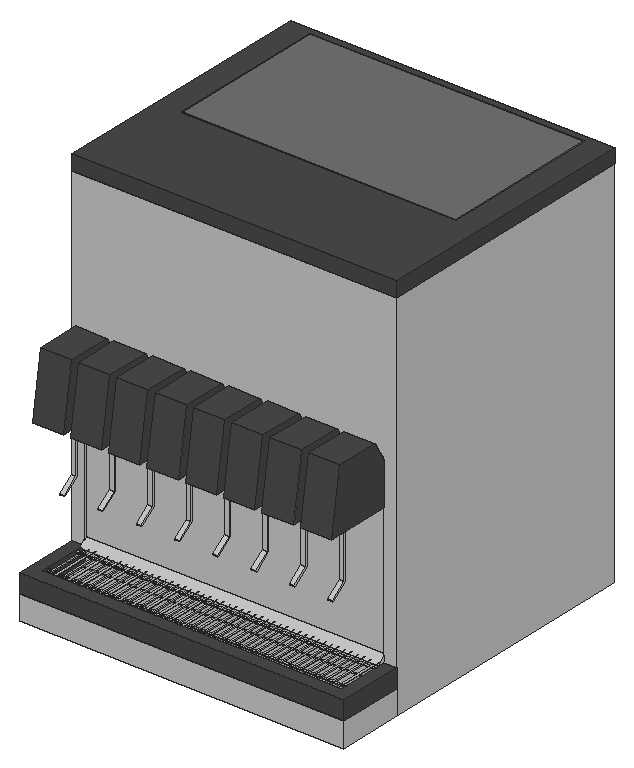
Revit family "QF_LANCER_CED 2500 HI_cat", category Specialty Equipment, Revit 2012
Parameters
  Width [instance] = 26"  # constant formula
  Weight in Pounds = 209
  Watts = 0 W
  Waste Water Discharge Temperature [instance] = -459.67 °F
  Volts = 115 V
  URL Cutsheet = "www.lancercorp.com"
  URL = "www.lancercorp.com"
  Type Mark [instance] = ""
  Status [instance] = ""
  Specification by User [instance] = ""
  Specification by Manufacturer = ""
  Show Legs [instance] = no
  Show Clearance [instance] = no
  Show 6 Valves [instance] = no
  Serial Number = ""
  Seismic Rating = ""
  SMACNA No = ""
  Revision Code [instance] = ""
  Refrigerant Type = "R134A"
  Plumbing Remarks [instance] = ""
  Plumbing Connection Type [instance] = ""
  Phase = 0
  Omniclass Number and Title = ""
  Number of Poles [instance] = 1
  NAFEM Spec ID Number = ""
  Model = "CED 2500 HI"
  Min Ckt Ampacity = 0 A
  Max Overcurrent Protection = 0 A
  Masterspec = ""
  Manufacturer = "LANCER"
  Legs [instance] = yes
  Item Number [instance] = ""
  Installed By [instance] = ""
  Indirect Waste Size = 3/4"
  Indirect Waste Flow [instance] = 0 GPM
  Indirect Waste Connection Type [instance] = ""
  Indirect Waste Connection Height = 0"
  Identify Quantity as Lot [instance] = yes
  Height [instance] = 31 1/4"  # constant formula
  HP = "3/4"
  Furnished By [instance] = ""
  Foodservice Equipment Identifier [instance] = yes
  FL Amps = 7.5 A
  Electrical Remarks [instance] = ""
  Electric Connection Type [instance] = ""
  Elec Conn RI Height [instance] = 0"
  Elec Conn Connection Height [instance] = 0"
  Description = "HIGH PERFORMANCE DISPENSER"
  Depth [instance] = 27 1/8"  # constant formula
  Cycle = 60 Hz
  Conn Plug = ""
  Conn Conduit = yes
  Cold Water Temperature Recommended [instance] = 0 °F
  Cold Water Size = 3/8"
  Cold Water RI Height [instance] = 0"
  Cold Water Minimum Pressure = 0.00 psi
  Cold Water Maximum Pressure = 0.00 psi
  Cold Water Flow [instance] = 0 GPM
  Cold Water Consumption = ""
  Cold Water Connection Height = 0"
  CSI MasterFormat = ""
  CSI Master Format = ""
  Base Height [instance] = if(Show Legs, 4", 0")  # 0"
  Apparent Power = if(Phase = 3, Volts * FL Amps * 1.73, Volts * FL Amps)  # 862.5 VA
  6 Valves [instance] = if(Show 6 Valves, 6, 8)  # 8
Reference planes (in)
  plane 1 "BACK": y = 0
  plane 2: z = 0
  plane 3 "LEFT": x = 0
  plane 4 "RIGHT": x = 26
  plane 5 "FRONT": y = -27.125
  plane 6 "TOP": z = 31.25
  plane 7: x = 13
  plane 8: y = -13.5625
  plane 9: y = -21.875
  plane 10 "Base": z = 0
  plane 11: z = 3.5
  plane 12: z = 14.625
  plane 13: x = 2.25
  plane 14: x = 5.08367
  plane 15: x = 2.45867
  plane 16: x = 4.33367
  plane 17: x = 1.70867
  plane 18: x = 1
  plane 19: x = 25
  plane 20: z = 19.1351
  plane 21: x = 1.55708
  plane 22: x = 24.44292
  plane 23: x = 23.75
  plane 24: x = 26.58367
  plane 25: x = 23.95867
  plane 26: x = 5.32143
  plane 27: x = 8.1551
  plane 28: x = 5.5301
  plane 29: x = 8.39286
  plane 30: x = 11.22653
  plane 31: x = 8.60153
  plane 32: x = 11.46429
  plane 33: x = 14.29796
  plane 34: x = 11.67296
  plane 35: x = 14.53571
  plane 36: x = 17.36939
  plane 37: x = 14.74439
  plane 38: x = 17.60714
  plane 39: x = 20.44082
  plane 40: x = 17.81582
  plane 41: x = 20.67857
  plane 42: x = 23.51224
  plane 43: x = 20.88724
Forms (in)
  Extrusion 1, solid, material "QF_Finishes_Stainless Steel"
    sketch origin (-4.95282, -180, 0) x (-1, 0, 0) y (0, -1, 0)
      loop
        line (-4.95282, -158.125) -> (-30.95282, -158.125) -> (-30.95282, -179.9375) -> (-4.95282, -179.9375) -> (-4.95282, -158.125)
    from 0 to 30.06675
  Extrusion 2, solid, material "QF_Finishes_Black"
    sketch origin (-4.95282, -180, 30.06675) x (-1, 0, 0) y (0, -1, 0)
      loop
        line (-4.95282, -180) -> (-4.95282, -158.125) -> (-30.95282, -158.125) -> (-30.95282, -180) -> (-4.95282, -180)
      loop
        line (-6.95282, -166.5625) -> (-28.95282, -166.5625) -> (-28.95282, -179.4375) -> (-6.95282, -179.4375) -> (-6.95282, -166.5625)
    from 0 to 1.1875
  Extrusion 3, solid, material "QF_Finishes_Stainless Steel"
    sketch origin (-4.83017, -180, 0) x (-1, 0, 0) y (0, -1, 0)
      loop
        line (-4.83017, -158.125) -> (-4.83017, -152.875) -> (-30.83017, -152.875) -> (-30.83017, -158.125) -> (-4.83017, -158.125)
      loop
        line (-4.95366, -158.00151) -> (-4.95366, -152.99849) -> (-30.70668, -152.99849) -> (-30.70668, -158.00151) -> (-4.95366, -158.00151)
    from 0 to 2
  Extrusion 4, solid, material "QF_Finishes_Stainless Steel"
    sketch origin (-4.83017, -180, 0) x (-1, 0, 0) y (0, -1, 0)
      loop
        line (-4.95366, -158) -> (-4.95366, -152.99849) -> (-30.70668, -152.99849) -> (-30.70668, -158) -> (-4.95366, -158)
    from 0 to 0.25
  Sweep 5, solid, material "QF_Finishes_Black"
    path in 3D
      loop
        line (0, -21.875, 2) -> (0, -27.125, 2) -> (26, -27.125, 2) -> (26, -21.875, 2)
    profile origin (0, -24.5, 2) x (1, 0, 0) y (0, 0, 1)
      loop
        line (1, 0) -> (1, 1.5) -> (0, 1.5) -> (0, 0) -> (1, 0)
  Extrusion 6, solid, material "QF_Finishes_Stainless Steel"
    sketch origin (-4.86589, 0, -12.75) x (1, 0, 0) y (0, 0, 1)
      loop
        circle (6.21382, 16.13599) r 0.06312
      loop
        circle (6.72697, 16.13599) r 0.06312
      loop
        circle (7.24013, 16.13599) r 0.06312
      loop
        circle (7.75329, 16.13599) r 0.06312
      loop
        circle (8.26645, 16.13599) r 0.06312
      loop
        circle (8.77961, 16.13599) r 0.06312
      loop
        circle (9.29276, 16.13599) r 0.06312
      loop
        circle (9.80592, 16.13599) r 0.06312
      loop
        circle (10.31908, 16.13599) r 0.06312
      loop
        circle (10.83224, 16.13599) r 0.06312
      loop
        circle (11.34539, 16.13599) r 0.06312
      loop
        circle (11.85855, 16.13599) r 0.06312
      loop
        circle (12.37171, 16.13599) r 0.06312
      loop
        circle (12.88487, 16.13599) r 0.06312
      loop
        circle (13.39803, 16.13599) r 0.06312
      loop
        circle (13.91118, 16.13599) r 0.06312
      loop
        circle (29.44737, 16.13599) r 0.06312
      loop
        circle (14.42434, 16.13599) r 0.06312
      loop
        circle (14.9375, 16.13599) r 0.06312
      loop
        circle (15.45066, 16.13599) r 0.06312
      loop
        circle (15.96382, 16.13599) r 0.06312
      loop
        circle (16.47697, 16.13599) r 0.06312
      loop
        circle (16.99013, 16.13599) r 0.06312
      loop
        circle (17.50329, 16.13599) r 0.06312
      loop
        circle (18.01645, 16.13599) r 0.06312
      loop
        circle (18.52961, 16.13599) r 0.06312
      loop
        circle (19.04276, 16.13599) r 0.06312
      loop
        circle (19.55592, 16.13599) r 0.06312
      loop
        circle (20.06908, 16.13599) r 0.06312
      loop
        circle (20.58224, 16.13599) r 0.06312
      loop
        circle (21.09539, 16.13599) r 0.06312
      loop
        circle (21.60855, 16.13599) r 0.06312
      loop
        circle (22.12171, 16.13599) r 0.06312
      loop
        circle (22.63487, 16.13599) r 0.06312
      loop
        circle (23.14803, 16.13599) r 0.06312
      loop
        circle (23.66118, 16.13599) r 0.06312
      loop
        circle (24.17434, 16.13599) r 0.06312
      loop
        circle (24.6875, 16.13599) r 0.06312
      loop
        circle (25.20066, 16.13599) r 0.06312
      loop
        circle (25.71382, 16.13599) r 0.06312
      loop
        circle (26.22697, 16.13599) r 0.06312
      loop
        circle (26.74013, 16.13599) r 0.06312
      loop
        circle (27.25329, 16.13599) r 0.06312
      loop
        circle (27.76645, 16.13599) r 0.06312
      loop
        circle (28.27961, 16.13599) r 0.06312
      loop
        circle (28.79276, 16.13599) r 0.06312
    from 21.875 to 26.125
  Extrusion 7, solid, material "QF_Finishes_Stainless Steel"
    sketch origin (13, 11.66928, 35.25) x (0, 1, 0) y (0, 0, 1)
      loop
        circle (-37.28767, -31.86381) r 0.06338
      loop
        circle (-34.34983, -31.86381) r 0.06338
    from -12 to 12
  Extrusion 8, solid, material "QF_Finishes_Stainless Steel"
    sketch origin (0, 0.125, 0) x (0, 1, 0) y (0, 0, 1)
      loop
        line (-21.875, 4.10401) -> (-22.47901, 3.5) -> (-21.875, 3.5) -> (-21.875, 4.10401)
    from 1 to 25
  Extrusion 9, solid, material "QF_Finishes_Stainless Steel"
    sketch origin (-7.86508, -0.0625, 13.54921) x (1, 0, 0) y (0, 0, -1)
      loop
        circle (20.8125, -1.5) r 0.25
      loop
        circle (32.61508, 12.29921) r 0.1875
    from 0 to 0.0625
  Extrusion 10, solid, material "QF_Finishes_Rubber Black"
    sketch origin (-4.95282, -180, 30.06675) x (-1, 0, 0) y (0, -1, 0)
      loop
        line (-28.95282, -179.4375) -> (-6.95282, -179.4375) -> (-6.95282, -166.5625) -> (-28.95282, -166.5625) -> (-28.95282, -179.4375)
    from 0 to 1.1875
  Extrusion 11, solid, material "QF_Finishes_Black"
    sketch origin (4.07258, 0.99216, -1) x (0, 1, 0) y (0, 0, -1)
      loop
        line (-27.30905, -20.625) -> (-23.75659, -20.625) -> (-22.86716, -19.08446) -> (-22.86716, -15.625) -> (-28.11716, -15.625) -> (-27.30905, -20.625)
    from 0.57258 to 3.07258
  Extrusion 12, solid, material "QF_Finishes_Black"
    sketch origin (-4.57258, 0.99216, -1.81533) x (1, 0, 0) y (0, 1, 0)
      loop
        circle (6.82258, -26.65163) r 0.5
    from 15.81486 to 16.44033
  Sweep 13, solid, material "QF_Finishes_Stainless Steel"
    path origin (0.55242, 0.99216, -1.81533) x (0, 1, 0) y (0, 0, 1)
      loop
        line (-25.46144, 16.44033) -> (-25.46144, 11.90908) -> (-26.65939, 11.00636)
    profile origin (0.55242, -24.46928, 12.35937) x (1, 0, 0) y (0, 1, 0)
      loop
        line (1.51008, 0) -> (1.51008, -0.0625) -> (1.88508, -0.0625) -> (1.88508, 0) -> (1.51008, 0)
  Extrusion 14, solid, material "QF_Finishes_Black", not visible
    sketch origin (3.32258, 4.11716, 14.375) x (0, 1, 0) y (0, 0, -1)
      loop
        line (-27.30905, -20.625) -> (-23.75659, -20.625) -> (-22.86716, -19.08446) -> (-22.86716, -15.625) -> (-28.11716, -15.625) -> (-27.30905, -20.625)
    from 0.57258 to 3.07258
  Extrusion 15, solid, material "QF_Finishes_Black", not visible
    sketch origin (-5.32258, 4.11716, 13.55967) x (1, 0, 0) y (0, 1, 0)
      loop
        circle (6.82258, -26.65163) r 0.5
    from 15.81486 to 16.44033
  Extrusion 16, void
    sketch origin (26, -21.875, 0) x (-1, 0, 0) y (0, 0, -1)
      loop
        line (25, -18.375) -> (25, -3.5) -> (1, -3.5) -> (1, -18.375) -> (25, -18.375)
    from 0.08328 to -0.125
  Revolve 17, solid, material "QF_Finishes_Stainless Steel"
    sketch origin (24.44292, 41.18065, -12.75) x (0, -1, 0) y (0, 0, 1)
      loop
        line (42.55565, 12.75) -> (42.94933, 12.75) -> (42.94933, 13.38122) -> (43.16717, 13.38122) -> (43.30191, 16.75) -> (42.55565, 16.75) -> (42.55565, 12.75)
      axis (42.55565, 16.75) -> (42.55565, 12.75)
    angle from 0 to 360
  Revolve 18, solid, material "QF_Finishes_Stainless Steel", not visible
    sketch origin (17.63042, 41.18065, 0) x (0, -1, 0) y (0, 0, 1)
      loop
        line (42.55565, 12.75) -> (42.94933, 12.75) -> (42.94933, 13.38122) -> (43.16717, 13.38122) -> (43.30191, 16.75) -> (42.55565, 16.75) -> (42.55565, 12.75)
      axis (42.55565, 16.75) -> (42.55565, 12.75)
    angle from 0 to 360
  Revolve 19, solid, material "QF_Finishes_Stainless Steel"
    sketch origin (24.43208, -22.05565, -12.75) x (0, 1, 0) y (0, 0, 1)
      loop
        line (1.55565, 12.75) -> (1.55565, 16.75) -> (0.80939, 16.75) -> (0.94413, 13.38122) -> (1.16197, 13.38122) -> (1.16197, 12.75) -> (1.55565, 12.75)
      axis (1.55565, 16.75) -> (1.55565, 12.75)
    angle from 0 to 360
  Revolve 20, solid, material "QF_Finishes_Stainless Steel"
    sketch origin (1.55708, -2.93065, -12.75) x (0, 1, 0) y (0, 0, 1)
      loop
        line (1.55565, 12.75) -> (1.55565, 16.75) -> (0.80939, 16.75) -> (0.94413, 13.38122) -> (1.16197, 13.38122) -> (1.16197, 12.75) -> (1.55565, 12.75)
      axis (1.55565, 16.75) -> (1.55565, 12.75)
    angle from 0 to 360
  Revolve 21, solid, material "QF_Finishes_Stainless Steel"
    sketch origin (1.55708, -22.05565, -12.75) x (0, 1, 0) y (0, 0, 1)
      loop
        line (1.55565, 12.75) -> (1.55565, 16.75) -> (0.80939, 16.75) -> (0.94413, 13.38122) -> (1.16197, 13.38122) -> (1.16197, 12.75) -> (1.55565, 12.75)
      axis (1.55565, 16.75) -> (1.55565, 12.75)
    angle from 0 to 360
  Revolve 22, solid, material "QF_Finishes_Stainless Steel"
    sketch origin (24.43208, -22.05565, -12.75) x (0, 1, 0) y (0, 0, 1)
      loop
        line (1.55565, 12.75) -> (1.55565, 16.75) -> (0.80939, 16.75) -> (0.94413, 13.38122) -> (1.16197, 13.38122) -> (1.16197, 12.75) -> (1.55565, 12.75)
      axis (1.55565, 16.75) -> (1.55565, 12.75)
    angle from 0 to 360
  Revolve 23, solid, material "QF_Finishes_Stainless Steel"
    sketch origin (24.43208, -2.93065, -12.75) x (0, 1, 0) y (0, 0, 1)
      loop
        line (1.55565, 12.75) -> (1.55565, 16.75) -> (0.80939, 16.75) -> (0.94413, 13.38122) -> (1.16197, 13.38122) -> (1.16197, 12.75) -> (1.55565, 12.75)
      axis (1.55565, 16.75) -> (1.55565, 12.75)
    angle from 0 to 360
  Revolve 24, solid, material "QF_Finishes_Stainless Steel"
    sketch origin (24.43208, -22.05565, -12.75) x (0, 1, 0) y (0, 0, 1)
      loop
        line (1.55565, 12.75) -> (1.55565, 16.75) -> (0.80939, 16.75) -> (0.94413, 13.38122) -> (1.16197, 13.38122) -> (1.16197, 12.75) -> (1.55565, 12.75)
      axis (1.55565, 16.75) -> (1.55565, 12.75)
    angle from 0 to 360
  Extrusion 25, solid, material "QF_Finishes_Black"
    sketch origin (25.57258, 0.99216, -1) x (0, 1, 0) y (0, 0, -1)
      loop
        line (-27.30905, -20.625) -> (-23.75659, -20.625) -> (-22.86716, -19.08446) -> (-22.86716, -15.625) -> (-28.11716, -15.625) -> (-27.30905, -20.625)
    from 0.57258 to 3.07258
  Extrusion 26, solid, material "QF_Finishes_Black"
    sketch origin (16.92742, 0.99216, -1.81533) x (1, 0, 0) y (0, 1, 0)
      loop
        circle (6.82258, -26.65163) r 0.5
    from 15.81486 to 16.44033
  Sweep 27, solid, material "QF_Finishes_Stainless Steel"
    path origin (22.05242, 0.99216, -1.81533) x (0, 1, 0) y (0, 0, 1)
      loop
        line (-25.46144, 16.44033) -> (-25.46144, 11.90908) -> (-26.65939, 11.00636)
    profile origin (22.05242, -24.46928, 12.35937) x (1, 0, 0) y (0, 1, 0)
      loop
        line (1.51008, 0) -> (1.51008, -0.0625) -> (1.88508, -0.0625) -> (1.88508, 0) -> (1.51008, 0)
  Extrusion 28, solid, material "QF_Finishes_Black"
    sketch origin (7.14401, 0.99216, -1) x (0, 1, 0) y (0, 0, -1)
      loop
        line (-27.30905, -20.625) -> (-23.75659, -20.625) -> (-22.86716, -19.08446) -> (-22.86716, -15.625) -> (-28.11716, -15.625) -> (-27.30905, -20.625)
    from 0.57258 to 3.07258
  Extrusion 29, solid, material "QF_Finishes_Black"
    sketch origin (-1.50115, 0.99216, -1.81533) x (1, 0, 0) y (0, 1, 0)
      loop
        circle (6.82258, -26.65163) r 0.5
    from 15.81486 to 16.44033
  Sweep 30, solid, material "QF_Finishes_Stainless Steel"
    path origin (3.62385, 0.99216, -1.81533) x (0, 1, 0) y (0, 0, 1)
      loop
        line (-25.46144, 16.44033) -> (-25.46144, 11.90908) -> (-26.65939, 11.00636)
    profile origin (3.62385, -24.46928, 12.35937) x (1, 0, 0) y (0, 1, 0)
      loop
        line (1.51008, 0) -> (1.51008, -0.0625) -> (1.88508, -0.0625) -> (1.88508, 0) -> (1.51008, 0)
  Extrusion 31, solid, material "QF_Finishes_Black"
    sketch origin (10.21543, 0.99216, -1) x (0, 1, 0) y (0, 0, -1)
      loop
        line (-27.30905, -20.625) -> (-23.75659, -20.625) -> (-22.86716, -19.08446) -> (-22.86716, -15.625) -> (-28.11716, -15.625) -> (-27.30905, -20.625)
    from 0.57258 to 3.07258
  Extrusion 32, solid, material "QF_Finishes_Black"
    sketch origin (1.57028, 0.99216, -1.81533) x (1, 0, 0) y (0, 1, 0)
      loop
        circle (6.82258, -26.65163) r 0.5
    from 15.81486 to 16.44033
  Sweep 33, solid, material "QF_Finishes_Stainless Steel"
    path origin (6.69528, 0.99216, -1.81533) x (0, 1, 0) y (0, 0, 1)
      loop
        line (-25.46144, 16.44033) -> (-25.46144, 11.90908) -> (-26.65939, 11.00636)
    profile origin (6.69528, -24.46928, 12.35937) x (1, 0, 0) y (0, 1, 0)
      loop
        line (1.51008, 0) -> (1.51008, -0.0625) -> (1.88508, -0.0625) -> (1.88508, 0) -> (1.51008, 0)
  Extrusion 34, solid, material "QF_Finishes_Black"
    sketch origin (13.28686, 0.99216, -1) x (0, 1, 0) y (0, 0, -1)
      loop
        line (-27.30905, -20.625) -> (-23.75659, -20.625) -> (-22.86716, -19.08446) -> (-22.86716, -15.625) -> (-28.11716, -15.625) -> (-27.30905, -20.625)
    from 0.57258 to 3.07258
  Extrusion 35, solid, material "QF_Finishes_Black"
    sketch origin (4.64171, 0.99216, -1.81533) x (1, 0, 0) y (0, 1, 0)
      loop
        circle (6.82258, -26.65163) r 0.5
    from 15.81486 to 16.44033
  Sweep 36, solid, material "QF_Finishes_Stainless Steel"
    path origin (9.76671, 0.99216, -1.81533) x (0, 1, 0) y (0, 0, 1)
      loop
        line (-25.46144, 16.44033) -> (-25.46144, 11.90908) -> (-26.65939, 11.00636)
    profile origin (9.76671, -24.46928, 12.35937) x (1, 0, 0) y (0, 1, 0)
      loop
        line (1.51008, 0) -> (1.51008, -0.0625) -> (1.88508, -0.0625) -> (1.88508, 0) -> (1.51008, 0)
  Extrusion 37, solid, material "QF_Finishes_Black"
    sketch origin (16.35829, 0.99216, -1) x (0, 1, 0) y (0, 0, -1)
      loop
        line (-27.30905, -20.625) -> (-23.75659, -20.625) -> (-22.86716, -19.08446) -> (-22.86716, -15.625) -> (-28.11716, -15.625) -> (-27.30905, -20.625)
    from 0.57258 to 3.07258
  Extrusion 38, solid, material "QF_Finishes_Black"
    sketch origin (7.71314, 0.99216, -1.81533) x (1, 0, 0) y (0, 1, 0)
      loop
        circle (6.82258, -26.65163) r 0.5
    from 15.81486 to 16.44033
  Sweep 39, solid, material "QF_Finishes_Stainless Steel"
    path origin (12.83814, 0.99216, -1.81533) x (0, 1, 0) y (0, 0, 1)
      loop
        line (-25.46144, 16.44033) -> (-25.46144, 11.90908) -> (-26.65939, 11.00636)
    profile origin (12.83814, -24.46928, 12.35937) x (1, 0, 0) y (0, 1, 0)
      loop
        line (1.51008, 0) -> (1.51008, -0.0625) -> (1.88508, -0.0625) -> (1.88508, 0) -> (1.51008, 0)
  Extrusion 40, solid, material "QF_Finishes_Black"
    sketch origin (19.42972, 0.99216, -1) x (0, 1, 0) y (0, 0, -1)
      loop
        line (-27.30905, -20.625) -> (-23.75659, -20.625) -> (-22.86716, -19.08446) -> (-22.86716, -15.625) -> (-28.11716, -15.625) -> (-27.30905, -20.625)
    from 0.57258 to 3.07258
  Extrusion 41, solid, material "QF_Finishes_Black"
    sketch origin (10.78457, 0.99216, -1.81533) x (1, 0, 0) y (0, 1, 0)
      loop
        circle (6.82258, -26.65163) r 0.5
    from 15.81486 to 16.44033
  Sweep 42, solid, material "QF_Finishes_Stainless Steel"
    path origin (15.90957, 0.99216, -1.81533) x (0, 1, 0) y (0, 0, 1)
      loop
        line (-25.46144, 16.44033) -> (-25.46144, 11.90908) -> (-26.65939, 11.00636)
    profile origin (15.90957, -24.46928, 12.35937) x (1, 0, 0) y (0, 1, 0)
      loop
        line (1.51008, 0) -> (1.51008, -0.0625) -> (1.88508, -0.0625) -> (1.88508, 0) -> (1.51008, 0)
  Extrusion 43, solid, material "QF_Finishes_Black"
    sketch origin (22.50115, 0.99216, -1) x (0, 1, 0) y (0, 0, -1)
      loop
        line (-27.30905, -20.625) -> (-23.75659, -20.625) -> (-22.86716, -19.08446) -> (-22.86716, -15.625) -> (-28.11716, -15.625) -> (-27.30905, -20.625)
    from 0.57258 to 3.07258
  Extrusion 44, solid, material "QF_Finishes_Black"
    sketch origin (13.85599, 0.99216, -1.81533) x (1, 0, 0) y (0, 1, 0)
      loop
        circle (6.82258, -26.65163) r 0.5
    from 15.81486 to 16.44033
  Sweep 45, solid, material "QF_Finishes_Stainless Steel"
    path origin (18.98099, 0.99216, -1.81533) x (0, 1, 0) y (0, 0, 1)
      loop
        line (-25.46144, 16.44033) -> (-25.46144, 11.90908) -> (-26.65939, 11.00636)
    profile origin (18.98099, -24.46928, 12.35937) x (1, 0, 0) y (0, 1, 0)
      loop
        line (1.51008, 0) -> (1.51008, -0.0625) -> (1.88508, -0.0625) -> (1.88508, 0) -> (1.51008, 0)
  Extrusion 46, solid, material "QF_Finishes_Stainless Steel"
    sketch origin (-3.87207, -179.59091, 0) x (0, -1, 0) y (-1, 0, 0)
      loop
        circle (-155.09091, -16.87207) r 0.375
    from 0 to 0.0625
Cuts and joins
  Extrusion 16 cuts Extrusion 1
Lines and regions (in)
  Split face 1
    outline origin (7.71773, -26.35696, 19.37709) x (0, -0.159551, -0.98719) y (1, 0, 0)
      loop
        line (3.50126, -4.28023) -> (-0.18862, -4.28023) -> (-0.18862, -6.65523) -> (3.50126, -6.65523) -> (3.50126, -4.28023)
  Split face 2, not visible
    outline origin (6.96773, -23.23196, 34.75209) x (0, -0.159551, -0.98719) y (1, 0, 0)
      loop
        line (3.50126, -4.28023) -> (-0.18862, -4.28023) -> (-0.18862, -6.65523) -> (3.50126, -6.65523) -> (3.50126, -4.28023)
  Split face 3
    outline origin (-4.95282, -180, 31.25425) x (-1, 0, 0) y (0, -1, 0)
      loop
        line (-6.95282, -179.16234) -> (-28.95282, -179.16234)
      loop
        line (-6.95282, -178.66234) -> (-28.95282, -178.66234)
      loop
        line (-6.95282, -178.16234) -> (-28.95282, -178.16234)
      loop
        line (-6.95282, -177.66234) -> (-28.95282, -177.66234)
      loop
        line (-6.95282, -177.16234) -> (-28.95282, -177.16234)
      loop
        line (-6.95282, -176.66234) -> (-28.95282, -176.66234)
      loop
        line (-6.95282, -176.16234) -> (-28.95282, -176.16234)
      loop
        line (-6.95282, -175.66234) -> (-28.95282, -175.66234)
      loop
        line (-6.95282, -175.16234) -> (-28.95282, -175.16234)
      loop
        line (-6.95282, -174.66234) -> (-28.95282, -174.66234)
      loop
        line (-6.95282, -174.16234) -> (-28.95282, -174.16234)
      loop
        line (-6.95282, -173.66234) -> (-28.95282, -173.66234)
      loop
        line (-6.95282, -173.16234) -> (-28.95282, -173.16234)
      loop
        line (-6.95282, -172.66234) -> (-28.95282, -172.66234)
      loop
        line (-6.95282, -172.16234) -> (-28.95282, -172.16234)
      loop
        line (-6.95282, -171.66234) -> (-28.95282, -171.66234)
      loop
        line (-6.95282, -171.16234) -> (-28.95282, -171.16234)
      loop
        line (-6.95282, -170.66234) -> (-28.95282, -170.66234)
      loop
        line (-6.95282, -170.16234) -> (-28.95282, -170.16234)
      loop
        line (-6.95282, -169.66234) -> (-28.95282, -169.66234)
      loop
        line (-6.95282, -169.16234) -> (-28.95282, -169.16234)
      loop
        line (-6.95282, -168.66234) -> (-28.95282, -168.66234)
      loop
        line (-6.95282, -168.16234) -> (-28.95282, -168.16234)
      loop
        line (-6.95282, -167.66234) -> (-28.95282, -167.66234)
      loop
        line (-6.95282, -167.16234) -> (-28.95282, -167.16234)
      loop
        line (-6.95282, -166.66234) -> (-28.95282, -166.66234)
  Split face 4
    outline origin (26, -21.875, 30.06675) x (0, 0, -1) y (0, 1, 0)
      loop
        line (13.00671, 0) -> (13.00671, 21.8125)
      loop
        line (12.00671, 0) -> (12.00671, 21.8125)
  Split face 5
    outline origin (0, -0.0625, 30.06675) x (0, 0, -1) y (0, -1, 0)
      loop
        line (13.00671, 21.8125) -> (13.00671, 0)
      loop
        line (12.00671, 21.8125) -> (12.00671, 0)
  Split face 6
    outline origin (0, -21.875, 17.31675) x (0, 0, -1) y (1, 0, 0)
      loop
        line (-0.74329, 0) -> (-0.74329, 1)
      loop
        line (-0.74329, 25) -> (-0.74329, 26)
      loop
        line (0.25671, 0) -> (0.25671, 1)
      loop
        line (0.25671, 25) -> (0.25671, 26)
  Split face 7
    outline origin (29.21773, -26.35696, 19.37709) x (0, -0.159551, -0.98719) y (1, 0, 0)
      loop
        line (3.50126, -4.28023) -> (-0.18862, -4.28023) -> (-0.18862, -6.65523) -> (3.50126, -6.65523) -> (3.50126, -4.28023)
  Split face 8
    outline origin (10.78916, -26.35696, 19.37709) x (0, -0.159551, -0.98719) y (1, 0, 0)
      loop
        line (3.50126, -4.28023) -> (-0.18862, -4.28023) -> (-0.18862, -6.65523) -> (3.50126, -6.65523) -> (3.50126, -4.28023)
  Split face 9
    outline origin (13.86059, -26.35696, 19.37709) x (0, -0.159551, -0.98719) y (1, 0, 0)
      loop
        line (3.50126, -4.28023) -> (-0.18862, -4.28023) -> (-0.18862, -6.65523) -> (3.50126, -6.65523) -> (3.50126, -4.28023)
  Split face 10
    outline origin (16.93202, -26.35696, 19.37709) x (0, -0.159551, -0.98719) y (1, 0, 0)
      loop
        line (3.50126, -4.28023) -> (-0.18862, -4.28023) -> (-0.18862, -6.65523) -> (3.50126, -6.65523) -> (3.50126, -4.28023)
  Split face 11
    outline origin (20.00345, -26.35696, 19.37709) x (0, -0.159551, -0.98719) y (1, 0, 0)
      loop
        line (3.50126, -4.28023) -> (-0.18862, -4.28023) -> (-0.18862, -6.65523) -> (3.50126, -6.65523) -> (3.50126, -4.28023)
  Split face 12
    outline origin (23.07488, -26.35696, 19.37709) x (0, -0.159551, -0.98719) y (1, 0, 0)
      loop
        line (3.50126, -4.28023) -> (-0.18862, -4.28023) -> (-0.18862, -6.65523) -> (3.50126, -6.65523) -> (3.50126, -4.28023)
  Split face 13
    outline origin (26.1463, -26.35696, 19.37709) x (0, -0.159551, -0.98719) y (1, 0, 0)
      loop
        line (3.50126, -4.28023) -> (-0.18862, -4.28023) -> (-0.18862, -6.65523) -> (3.50126, -6.65523) -> (3.50126, -4.28023)
  symbolic lines
    curve 1: line (0, -27.125, 0) -> (26, -27.125, 0)
    curve 2: line (26, -21.875, 0) -> (0, -21.875, 0)
    curve 3: line (0, -21.875, 0) -> (0, -27.125, 0)
    curve 7: line (26, 0, 0) -> (0, 0, 0)
    curve 8: line (26, -27.125, 0) -> (26, 0, 0)
    curve 9: line (0, 0, 0) -> (0, -21.875, 0)
    curve 10: line (3.5, -22.76443, 1.375) -> (1, -22.76443, 1.375)
    curve 11: line (1, -21.875, 1.375) -> (1, -27.125, 1.375)
    curve 12: line (3.5, -27.125, 1.375) -> (3.5, -21.875, 1.375)
    curve 13: line (1, -26.31689, 1.375) -> (3.5, -26.31689, 1.375)
    curve 14: line (24, -0.5625, 0) -> (2, -0.5625, 0)
    curve 15: line (2, -0.5625, 0) -> (2, -13.4375, 0)
    curve 16: line (24, -13.4375, 0) -> (24, -0.5625, 0)
    curve 17: line (2, -13.4375, 0) -> (24, -13.4375, 0)
    curve 18: line (2, -3.83766, 0) -> (24, -3.83766, 0)
    curve 19: line (2, -4.33766, 0) -> (24, -4.33766, 0)
    curve 20: line (2, -4.83766, 0) -> (24, -4.83766, 0)
    curve 21: line (2, -5.33766, 0) -> (24, -5.33766, 0)
    curve 22: line (2, -5.83766, 0) -> (24, -5.83766, 0)
    curve 23: line (2, -6.33766, 0) -> (24, -6.33766, 0)
    curve 24: line (2, -6.83766, 0) -> (24, -6.83766, 0)
    curve 25: line (2, -7.33766, 0) -> (24, -7.33766, 0)
    curve 26: line (2, -7.83766, 0) -> (24, -7.83766, 0)
    curve 27: line (2, -8.33766, 0) -> (24, -8.33766, 0)
    curve 28: line (2, -8.83766, 0) -> (24, -8.83766, 0)
    curve 29: line (2, -9.33766, 0) -> (24, -9.33766, 0)
    curve 30: line (2, -9.83766, 0) -> (24, -9.83766, 0)
    curve 31: line (2, -10.33766, 0) -> (24, -10.33766, 0)
    curve 32: line (2, -10.83766, 0) -> (24, -10.83766, 0)
    curve 33: line (2, -11.33766, 0) -> (24, -11.33766, 0)
    curve 34: line (2, -11.83766, 0) -> (24, -11.83766, 0)
    curve 35: line (2, -12.33766, 0) -> (24, -12.33766, 0)
    curve 36: line (24, -12.83766, 0) -> (2, -12.83766, 0)
    curve 37: line (6.4, -0.5625, 0) -> (6.4, -13.4375, 0)
    curve 38: line (10.8, -0.5625, 0) -> (10.8, -13.4375, 0)
    curve 39: line (25, -22.76443, 1.375) -> (22.5, -22.76443, 1.375)
    curve 40: line (22.5, -21.875, 1.375) -> (22.5, -27.125, 1.375)
    curve 41: line (25, -27.125, 1.375) -> (25, -21.875, 1.375)
    curve 42: line (22.5, -26.31689, 1.375) -> (25, -26.31689, 1.375)
    curve 43: line (6.57143, -22.76443, 1.375) -> (4.07143, -22.76443, 1.375)
    curve 44: line (4.07143, -21.875, 1.375) -> (4.07143, -27.125, 1.375)
    curve 45: line (6.57143, -27.125, 1.375) -> (6.57143, -21.875, 1.375)
    curve 46: line (4.07143, -26.31689, 1.375) -> (6.57143, -26.31689, 1.375)
    curve 47: line (9.64286, -22.76443, 1.375) -> (7.14286, -22.76443, 1.375)
    curve 48: line (7.14286, -21.875, 1.375) -> (7.14286, -27.125, 1.375)
    curve 49: line (9.64286, -27.125, 1.375) -> (9.64286, -21.875, 1.375)
    curve 50: line (7.14286, -26.31689, 1.375) -> (9.64286, -26.31689, 1.375)
    curve 51: line (12.71429, -22.76443, 1.375) -> (10.21429, -22.76443, 1.375)
    curve 52: line (10.21429, -21.875, 1.375) -> (10.21429, -27.125, 1.375)
    curve 53: line (12.71429, -27.125, 1.375) -> (12.71429, -21.875, 1.375)
    curve 54: line (10.21429, -26.31689, 1.375) -> (12.71429, -26.31689, 1.375)
    curve 55: line (15.78571, -22.76443, 1.375) -> (13.28571, -22.76443, 1.375)
    curve 56: line (13.28571, -21.875, 1.375) -> (13.28571, -27.125, 1.375)
    curve 57: line (15.78571, -27.125, 1.375) -> (15.78571, -21.875, 1.375)
    curve 58: line (13.28571, -26.31689, 1.375) -> (15.78571, -26.31689, 1.375)
    curve 59: line (18.85714, -22.76443, 1.375) -> (16.35714, -22.76443, 1.375)
    curve 60: line (16.35714, -21.875, 1.375) -> (16.35714, -27.125, 1.375)
    curve 61: line (18.85714, -27.125, 1.375) -> (18.85714, -21.875, 1.375)
    curve 62: line (16.35714, -26.31689, 1.375) -> (18.85714, -26.31689, 1.375)
    curve 63: line (21.92857, -22.76443, 1.375) -> (19.42857, -22.76443, 1.375)
    curve 64: line (19.42857, -21.875, 1.375) -> (19.42857, -27.125, 1.375)
    curve 65: line (21.92857, -27.125, 1.375) -> (21.92857, -21.875, 1.375)
    curve 66: line (19.42857, -26.31689, 1.375) -> (21.92857, -26.31689, 1.375)
    curve 67: line (2, -0.83766, 0) -> (24, -0.83766, 0)
    curve 68: line (2, -1.33766, 0) -> (24, -1.33766, 0)
    curve 69: line (2, -1.83766, 0) -> (24, -1.83766, 0)
    curve 70: line (2, -2.33766, 0) -> (24, -2.33766, 0)
    curve 71: line (2, -2.83766, 0) -> (24, -2.83766, 0)
    curve 72: line (2, -3.33766, 0) -> (24, -3.33766, 0)
    curve 73: line (15.2, -0.5625, 0) -> (15.2, -13.4375, 0)
    curve 74: line (19.6, -0.5625, 0) -> (19.6, -13.4375, 0)
  sketch lines
    curve 4: line (0, -21.875, 2) -> (0, -27.125, 2)
    curve 5: line (0, -27.125, 2) -> (26, -27.125, 2)
    curve 6: line (26, -27.125, 2) -> (26, -21.875, 2)
Dimensions and locks (in)
  "Width": plane 3 "LEFT" to plane 4 "RIGHT"
  "Depth": plane 5 "FRONT" to plane 1 "BACK"
  equal spacing: plane 3 "LEFT", plane 7, plane 4 "RIGHT"
  equal spacing: plane 5 "FRONT", plane 8, plane 1 "BACK"
  plane 9 to plane 5 "FRONT" = 5 1/4"
  "Base Height": plane 10 "Base" to level
  plane 12 to plane 11 to plane 10 "Base" = 11 1/8", 3 1/2"
  plane 9 to plane 1 "BACK" = 21 7/8"
  plane 19 to plane 4 "RIGHT" = 1"
  plane 18 to plane 3 "LEFT" = 1"
  "Height": plane 6 "TOP" to plane 10 "Base"
  group 4 to group 6 = 1/16"
  group 6 to group 4 = 19 1/8"
  group 4 to group 6 = 0"
  plane 3 "LEFT" to Extrusion 1 = 26"
  equal spacing: group 2, group 15, group 17, group 19, group 21, group 23, group 25, group 13  (x3)
  aligned and locked: level to plane 2
  aligned and locked: plane 12 to Extrusion 11  (x2)
  aligned and locked: Extrusion 7 to Sweep 5  (x2)
  aligned and locked: plane 12 to Extrusion 25
  aligned and locked: plane 12 to Extrusion 37
  aligned and locked: plane 12 to Extrusion 34
  aligned and locked: plane 12 to Extrusion 31
  aligned and locked: plane 12 to Extrusion 28
Automatic sketch dimensions
  Extrusion 11 to Split face 1 sketch curve = 1/16"
  Split face 1 sketch curve to Extrusion 11 = 1/16"  (x2)
  Split face 1 sketch curve to Extrusion 11 = 1 5/16"
  plane 15 to Extrusion 12 sketch curve = 0.20867"
  Sweep 13 sketch curve to Sweep 13 sketch curve = 1.19795"
  Sweep 13 sketch curve to Sweep 13 sketch curve = 0.90272"
  profile plane to Sweep 13 sketch curve = 0"
  profile plane to Sweep 13 sketch curve = 1/16"
  plane 13 to Sweep 13 sketch curve = 3/16"
  Sweep 13 sketch curve to plane 13 = 3/16"
  Extrusion 11 sketch curve to Extrusion 11 sketch curve = 0.80811"
  Extrusion 11 sketch curve to Extrusion 11 sketch curve = 3.55246"
  Extrusion 11 sketch curve to Extrusion 11 sketch curve = 0.88943"
  Extrusion 11 sketch curve to Extrusion 11 sketch curve = 1.54054"
  Extrusion 11 sketch curve to Extrusion 11 sketch curve = 3.45946"
  Sweep 13 sketch curve to Sweep 13 sketch curve = 4 17/32"
  Extrusion 14 to Split face 2 sketch curve = 1/16"
  Split face 2 sketch curve to Extrusion 14 = 1/16"  (x2)
  Split face 2 sketch curve to Extrusion 14 = 1 5/16"
  plane 17 to Extrusion 15 sketch curve = 0.20867"
  Extrusion 14 sketch curve to Extrusion 14 sketch curve = 0.80811"
  Extrusion 14 sketch curve to Extrusion 14 sketch curve = 3.55246"
  Extrusion 14 sketch curve to Extrusion 14 sketch curve = 0.88943"
  Extrusion 14 sketch curve to Extrusion 14 sketch curve = 1.54054"
  Extrusion 14 sketch curve to Extrusion 14 sketch curve = 3.45946"
  curve 12 to curve 11 = 2 1/2"
  curve 11 to curve 12 = 0"
  curve 11 to curve 10 = 0.88943"
  curve 10 to curve 13 = 3.55246"
  curve 13 to curve 12 = 0.80811"
  curve 13 to curve 11 = 0.80811"
  plane 11 to Extrusion 8 sketch curve = 0"
  Extrusion 8 sketch curve to plane 9 = 0.47901"
  plane 9 to Extrusion 8 sketch curve = 1/8"
  Extrusion 8 sketch curve to plane 11 = 0.60401"
  Revolve 17 sketch curve to Revolve 17 sketch curve = 0.21784"
  Revolve 17 sketch curve to Revolve 17 sketch curve = 0.39368"
  Revolve 17 sketch curve to Revolve 17 sketch curve = 4"
  Revolve 17 sketch curve to Revolve 17 sketch curve = 0.13474"
  Revolve 17 sketch curve to Revolve 17 sketch curve = 0"
  Revolve 17 sketch curve to Revolve 17 sketch curve = 1 3/4"
  Revolve 17 sketch curve to Revolve 17 sketch curve = 0.63122"
  Revolve 17 sketch curve to Revolve 17 sketch curve = 3.36878"
  Revolve 18 sketch curve to Revolve 18 sketch curve = 0.21784"
  Revolve 18 sketch curve to Revolve 18 sketch curve = 0.39368"
  Revolve 18 sketch curve to Revolve 18 sketch curve = 4"
  Revolve 18 sketch curve to Revolve 18 sketch curve = 0.13474"
  Revolve 18 sketch curve to Revolve 18 sketch curve = 0"
  Revolve 18 sketch curve to Revolve 18 sketch curve = 1 3/4"
  Revolve 18 sketch curve to Revolve 18 sketch curve = 0.63122"
  Revolve 18 sketch curve to Revolve 18 sketch curve = 3.36878"
  Revolve 19 sketch curve to Revolve 19 sketch curve = 0.21784"
  Revolve 19 sketch curve to Revolve 19 sketch curve = 0.39368"
  Revolve 19 sketch curve to Revolve 19 sketch curve = 4"
  Revolve 19 sketch curve to Revolve 19 sketch curve = 0.13474"
  Revolve 19 sketch curve to Revolve 19 sketch curve = 0"
  Revolve 19 sketch curve to Revolve 19 sketch curve = 1 3/4"
  Revolve 19 sketch curve to Revolve 19 sketch curve = 0.63122"
  Revolve 19 sketch curve to Revolve 19 sketch curve = 3.36878"
  Revolve 20 sketch curve to Revolve 20 sketch curve = 0.21784"
  Revolve 20 sketch curve to Revolve 20 sketch curve = 0.39368"
  Revolve 20 sketch curve to Revolve 20 sketch curve = 4"
  Revolve 20 sketch curve to Revolve 20 sketch curve = 0.13474"
  Revolve 20 sketch curve to Revolve 20 sketch curve = 0"
  Revolve 20 sketch curve to Revolve 20 sketch curve = 1 3/4"
  Revolve 20 sketch curve to Revolve 20 sketch curve = 0.63122"
  Revolve 20 sketch curve to Revolve 20 sketch curve = 3.36878"
  Revolve 21 sketch curve to Revolve 21 sketch curve = 0.21784"
  Revolve 21 sketch curve to Revolve 21 sketch curve = 0.39368"
  Revolve 21 sketch curve to Revolve 21 sketch curve = 4"
  Revolve 21 sketch curve to Revolve 21 sketch curve = 0.13474"
  Revolve 21 sketch curve to Revolve 21 sketch curve = 0"
  Revolve 21 sketch curve to Revolve 21 sketch curve = 1 3/4"
  Revolve 21 sketch curve to Revolve 21 sketch curve = 0.63122"
  Revolve 21 sketch curve to Revolve 21 sketch curve = 3.36878"
  Revolve 22 sketch curve to Revolve 22 sketch curve = 0.21784"
  Revolve 22 sketch curve to Revolve 22 sketch curve = 0.39368"
  Revolve 22 sketch curve to Revolve 22 sketch curve = 4"
  Revolve 22 sketch curve to Revolve 22 sketch curve = 0.13474"
  Revolve 22 sketch curve to Revolve 22 sketch curve = 0"
  Revolve 22 sketch curve to Revolve 22 sketch curve = 1 3/4"
  Revolve 22 sketch curve to Revolve 22 sketch curve = 0.63122"
  Revolve 22 sketch curve to Revolve 22 sketch curve = 3.36878"
  Revolve 23 sketch curve to Revolve 23 sketch curve = 0.21784"
  Revolve 23 sketch curve to Revolve 23 sketch curve = 0.39368"
  Revolve 23 sketch curve to Revolve 23 sketch curve = 4"
  Revolve 23 sketch curve to Revolve 23 sketch curve = 0.13474"
  Revolve 23 sketch curve to Revolve 23 sketch curve = 0"
  Revolve 23 sketch curve to Revolve 23 sketch curve = 1 3/4"
  Revolve 23 sketch curve to Revolve 23 sketch curve = 0.63122"
  Revolve 23 sketch curve to Revolve 23 sketch curve = 3.36878"
  Revolve 24 sketch curve to Revolve 24 sketch curve = 0.21784"
  Revolve 24 sketch curve to Revolve 24 sketch curve = 0.39368"
  Revolve 24 sketch curve to Revolve 24 sketch curve = 4"
  Revolve 24 sketch curve to Revolve 24 sketch curve = 0.13474"
  Revolve 24 sketch curve to Revolve 24 sketch curve = 0"
  Revolve 24 sketch curve to Revolve 24 sketch curve = 1 3/4"
  Revolve 24 sketch curve to Revolve 24 sketch curve = 0.63122"
  Revolve 24 sketch curve to Revolve 24 sketch curve = 3.36878"
  Extrusion 25 to Split face 7 sketch curve = 1/16"
  Split face 7 sketch curve to Extrusion 25 = 1/16"  (x2)
  Split face 7 sketch curve to Extrusion 25 = 1 5/16"
  plane 25 to Extrusion 26 sketch curve = 0.20867"
  Sweep 27 sketch curve to Sweep 27 sketch curve = 1.19795"
  Sweep 27 sketch curve to Sweep 27 sketch curve = 0.90272"
  profile plane to Sweep 27 sketch curve = 0"
  profile plane to Sweep 27 sketch curve = 1/16"
  plane 23 to Sweep 27 sketch curve = 3/16"
  Sweep 27 sketch curve to plane 23 = 3/16"
  Extrusion 25 sketch curve to Extrusion 25 sketch curve = 0.80811"
  Extrusion 25 sketch curve to Extrusion 25 sketch curve = 3.55246"
  Extrusion 25 sketch curve to Extrusion 25 sketch curve = 0.88943"
  Extrusion 25 sketch curve to Extrusion 25 sketch curve = 1.54054"
  Extrusion 25 sketch curve to Extrusion 25 sketch curve = 3.45946"
  Sweep 27 sketch curve to Sweep 27 sketch curve = 4 17/32"
  curve 41 to curve 40 = 2 1/2"
  curve 40 to curve 41 = 0"
  curve 40 to curve 39 = 0.88943"
  curve 39 to curve 42 = 3.55246"
  curve 42 to curve 41 = 0.80811"
  curve 42 to curve 40 = 0.80811"
  Extrusion 28 to Split face 8 sketch curve = 1/16"
  Split face 8 sketch curve to Extrusion 28 = 1/16"  (x2)
  Split face 8 sketch curve to Extrusion 28 = 1 5/16"
  plane 28 to Extrusion 29 sketch curve = 0.20867"
  Sweep 30 sketch curve to Sweep 30 sketch curve = 1.19795"
  Sweep 30 sketch curve to Sweep 30 sketch curve = 0.90272"
  profile plane to Sweep 30 sketch curve = 0"
  profile plane to Sweep 30 sketch curve = 1/16"
  plane 26 to Sweep 30 sketch curve = 3/16"
  Sweep 30 sketch curve to plane 26 = 3/16"
  Extrusion 28 sketch curve to Extrusion 28 sketch curve = 0.80811"
  Extrusion 28 sketch curve to Extrusion 28 sketch curve = 3.55246"
  Extrusion 28 sketch curve to Extrusion 28 sketch curve = 0.88943"
  Extrusion 28 sketch curve to Extrusion 28 sketch curve = 1.54054"
  Extrusion 28 sketch curve to Extrusion 28 sketch curve = 3.45946"
  Sweep 30 sketch curve to Sweep 30 sketch curve = 4 17/32"
  curve 45 to curve 44 = 2 1/2"
  curve 44 to curve 45 = 0"
  curve 44 to curve 43 = 0.88943"
  curve 43 to curve 46 = 3.55246"
  curve 46 to curve 45 = 0.80811"
  curve 46 to curve 44 = 0.80811"
  Extrusion 31 to Split face 9 sketch curve = 1/16"
  Split face 9 sketch curve to Extrusion 31 = 1/16"  (x2)
  Split face 9 sketch curve to Extrusion 31 = 1 5/16"
  plane 31 to Extrusion 32 sketch curve = 0.20867"
  Sweep 33 sketch curve to Sweep 33 sketch curve = 1.19795"
  Sweep 33 sketch curve to Sweep 33 sketch curve = 0.90272"
  profile plane to Sweep 33 sketch curve = 0"
  profile plane to Sweep 33 sketch curve = 1/16"
  plane 29 to Sweep 33 sketch curve = 3/16"
  Sweep 33 sketch curve to plane 29 = 3/16"
  Extrusion 31 sketch curve to Extrusion 31 sketch curve = 0.80811"
  Extrusion 31 sketch curve to Extrusion 31 sketch curve = 3.55246"
  Extrusion 31 sketch curve to Extrusion 31 sketch curve = 0.88943"
  Extrusion 31 sketch curve to Extrusion 31 sketch curve = 1.54054"
  Extrusion 31 sketch curve to Extrusion 31 sketch curve = 3.45946"
  Sweep 33 sketch curve to Sweep 33 sketch curve = 4 17/32"
  curve 49 to curve 48 = 2 1/2"
  curve 48 to curve 49 = 0"
  curve 48 to curve 47 = 0.88943"
  curve 47 to curve 50 = 3.55246"
  curve 50 to curve 49 = 0.80811"
  curve 50 to curve 48 = 0.80811"
  Extrusion 34 to Split face 10 sketch curve = 1/16"
  Split face 10 sketch curve to Extrusion 34 = 1/16"  (x2)
  Split face 10 sketch curve to Extrusion 34 = 1 5/16"
  plane 34 to Extrusion 35 sketch curve = 0.20867"
  Sweep 36 sketch curve to Sweep 36 sketch curve = 1.19795"
  Sweep 36 sketch curve to Sweep 36 sketch curve = 0.90272"
  profile plane to Sweep 36 sketch curve = 0"
  profile plane to Sweep 36 sketch curve = 1/16"
  plane 32 to Sweep 36 sketch curve = 3/16"
  Sweep 36 sketch curve to plane 32 = 3/16"
  Extrusion 34 sketch curve to Extrusion 34 sketch curve = 0.80811"
  Extrusion 34 sketch curve to Extrusion 34 sketch curve = 3.55246"
  Extrusion 34 sketch curve to Extrusion 34 sketch curve = 0.88943"
  Extrusion 34 sketch curve to Extrusion 34 sketch curve = 1.54054"
  Extrusion 34 sketch curve to Extrusion 34 sketch curve = 3.45946"
  Sweep 36 sketch curve to Sweep 36 sketch curve = 4 17/32"
  curve 53 to curve 52 = 2 1/2"
  curve 52 to curve 53 = 0"
  curve 52 to curve 51 = 0.88943"
  curve 51 to curve 54 = 3.55246"
  curve 54 to curve 53 = 0.80811"
  curve 54 to curve 52 = 0.80811"
  Extrusion 37 to Split face 11 sketch curve = 1/16"
  Split face 11 sketch curve to Extrusion 37 = 1/16"  (x2)
  Split face 11 sketch curve to Extrusion 37 = 1 5/16"
  plane 37 to Extrusion 38 sketch curve = 0.20867"
  Sweep 39 sketch curve to Sweep 39 sketch curve = 1.19795"
  Sweep 39 sketch curve to Sweep 39 sketch curve = 0.90272"
  profile plane to Sweep 39 sketch curve = 0"
  profile plane to Sweep 39 sketch curve = 1/16"
  plane 35 to Sweep 39 sketch curve = 3/16"
  Sweep 39 sketch curve to plane 35 = 3/16"
  Extrusion 37 sketch curve to Extrusion 37 sketch curve = 0.80811"
  Extrusion 37 sketch curve to Extrusion 37 sketch curve = 3.55246"
  Extrusion 37 sketch curve to Extrusion 37 sketch curve = 0.88943"
  Extrusion 37 sketch curve to Extrusion 37 sketch curve = 1.54054"
  Extrusion 37 sketch curve to Extrusion 37 sketch curve = 3.45946"
  Sweep 39 sketch curve to Sweep 39 sketch curve = 4 17/32"
  curve 57 to curve 56 = 2 1/2"
  curve 56 to curve 57 = 0"
  curve 56 to curve 55 = 0.88943"
  curve 55 to curve 58 = 3.55246"
  curve 58 to curve 57 = 0.80811"
  curve 58 to curve 56 = 0.80811"
  Extrusion 40 to Split face 12 sketch curve = 1/16"
  Split face 12 sketch curve to Extrusion 40 = 1/16"  (x2)
  Split face 12 sketch curve to Extrusion 40 = 1 5/16"
  plane 40 to Extrusion 41 sketch curve = 0.20867"
  Sweep 42 sketch curve to Sweep 42 sketch curve = 1.19795"
  Sweep 42 sketch curve to Sweep 42 sketch curve = 0.90272"
  profile plane to Sweep 42 sketch curve = 0"
  profile plane to Sweep 42 sketch curve = 1/16"
  plane 38 to Sweep 42 sketch curve = 3/16"
  Sweep 42 sketch curve to plane 38 = 3/16"
  Extrusion 40 sketch curve to Extrusion 40 sketch curve = 0.80811"
  Extrusion 40 sketch curve to Extrusion 40 sketch curve = 3.55246"
  Extrusion 40 sketch curve to Extrusion 40 sketch curve = 0.88943"
  Extrusion 40 sketch curve to Extrusion 40 sketch curve = 1.54054"
  Extrusion 40 sketch curve to Extrusion 40 sketch curve = 3.45946"
  Sweep 42 sketch curve to Sweep 42 sketch curve = 4 17/32"
  curve 61 to curve 60 = 2 1/2"
  curve 60 to curve 61 = 0"
  curve 60 to curve 59 = 0.88943"
  curve 59 to curve 62 = 3.55246"
  curve 62 to curve 61 = 0.80811"
  curve 62 to curve 60 = 0.80811"
  Extrusion 43 to Split face 13 sketch curve = 1/16"
  Split face 13 sketch curve to Extrusion 43 = 1/16"  (x2)
  Split face 13 sketch curve to Extrusion 43 = 1 5/16"
  plane 43 to Extrusion 44 sketch curve = 0.20867"
  Sweep 45 sketch curve to Sweep 45 sketch curve = 1.19795"
  Sweep 45 sketch curve to Sweep 45 sketch curve = 0.90272"
  profile plane to Sweep 45 sketch curve = 0"
  profile plane to Sweep 45 sketch curve = 1/16"
  plane 41 to Sweep 45 sketch curve = 3/16"
  Sweep 45 sketch curve to plane 41 = 3/16"
  Extrusion 43 sketch curve to Extrusion 43 sketch curve = 0.80811"
  Extrusion 43 sketch curve to Extrusion 43 sketch curve = 3.55246"
  Extrusion 43 sketch curve to Extrusion 43 sketch curve = 0.88943"
  Extrusion 43 sketch curve to Extrusion 43 sketch curve = 1.54054"
  Extrusion 43 sketch curve to Extrusion 43 sketch curve = 3.45946"
  Sweep 45 sketch curve to Sweep 45 sketch curve = 4 17/32"
  curve 65 to curve 64 = 2 1/2"
  curve 64 to curve 65 = 0"
  curve 64 to curve 63 = 0.88943"
  curve 63 to curve 66 = 3.55246"
  curve 66 to curve 65 = 0.80811"
  curve 66 to curve 64 = 0.80811"
  Extrusion 1 sketch curve to plane 4 "RIGHT" = 0"
  Extrusion 1 sketch curve to plane 3 "LEFT" = 0"
  Extrusion 1 sketch curve to plane 9 = 0"
  plane 1 "BACK" to Extrusion 1 sketch curve = 1/16"
  plane 1 "BACK" to curve 8 = 0"
  curve 8 to plane 4 "RIGHT" = 0"
  curve 9 to plane 3 "LEFT" = 0"
  curve 3 to plane 3 "LEFT" = 0"
  curve 2 to plane 9 = 0"
  plane 5 "FRONT" to curve 3 = 0"
  plane 22 to curve 25 = 0.44292"
  plane 21 to curve 30 = 0.44292"
  plane 1 "BACK" to curve 73 = 9/16"
  curve 14 to curve 67 = 0.27516"
  curve 67 to curve 68 = 1/2"
  curve 68 to curve 69 = 1/2"
  curve 69 to curve 70 = 1/2"
  curve 70 to curve 71 = 1/2"
  curve 71 to curve 72 = 1/2"
  curve 72 to curve 18 = 1/2"
  curve 18 to curve 19 = 1/2"
  curve 19 to curve 20 = 1/2"
  curve 20 to curve 21 = 1/2"
  curve 21 to curve 22 = 1/2"
  curve 22 to curve 23 = 1/2"
  curve 23 to curve 24 = 1/2"
  curve 24 to curve 25 = 1/2"
  curve 25 to curve 26 = 1/2"
  curve 26 to curve 27 = 1/2"
  curve 27 to curve 28 = 1/2"
  curve 28 to curve 29 = 1/2"
  curve 29 to curve 30 = 1/2"
  curve 30 to curve 31 = 1/2"
  curve 31 to curve 32 = 1/2"
  curve 32 to curve 33 = 1/2"
  curve 33 to curve 34 = 1/2"
  curve 34 to curve 35 = 1/2"
  curve 35 to curve 36 = 1/2"
  Extrusion 1 to Extrusion 2 sketch curve = 0"
  Extrusion 2 sketch curve to Extrusion 1 = 0"  (x2)
  Extrusion 2 sketch curve to Extrusion 1 = 2"  (x2)
  Extrusion 2 sketch curve to Extrusion 1 = 8 7/16"
  Extrusion 2 sketch curve to Extrusion 1 = 1/2"
  Extrusion 1 to Extrusion 2 sketch curve = 1/16"
  Extrusion 3 sketch curve to plane 4 "RIGHT" = 0"
  Extrusion 3 sketch curve to plane 3 "LEFT" = 0"
  Extrusion 3 sketch curve to plane 9 = 0"
  plane 5 "FRONT" to Extrusion 3 sketch curve = 0"
  plane 4 "RIGHT" to Extrusion 3 sketch curve = 0.12349"
  plane 3 "LEFT" to Extrusion 3 sketch curve = 0.12349"
  Extrusion 3 sketch curve to plane 9 = 0.12349"
  Extrusion 3 sketch curve to plane 5 "FRONT" = 0.12349"
  plane 4 "RIGHT" to Extrusion 4 sketch curve = 0.12349"
  plane 3 "LEFT" to Extrusion 4 sketch curve = 0.12349"
  Extrusion 4 sketch curve to plane 9 = 1/8"
  Extrusion 4 sketch curve to plane 5 "FRONT" = 0.12349"
  profile plane to Sweep 5 sketch curve = 0"
  Sweep 5 sketch curve to profile plane = 0"
  Sweep 5 sketch curve to Sweep 5 sketch curve = 1"
  profile plane to Sweep 5 sketch curve = 1 1/2"
  Extrusion 6 sketch curve to plane 21 = 0.20915"
  plane 11 to Extrusion 6 sketch curve = 0.11401"  (x46)
  plane 21 to Extrusion 6 sketch curve = 0.30401"
  Extrusion 6 sketch curve to Extrusion 6 sketch curve = 0.51316"  (x41)
  Extrusion 6 sketch curve to plane 7 = 0.3626"
  plane 7 to Extrusion 6 sketch curve = 0.15056"
  Extrusion 6 sketch curve to plane 22 = 0.13856"
  plane 11 to Extrusion 7 sketch curve = 0.11381"  (x2)
  Extrusion 7 sketch curve to plane 5 "FRONT" = 1.50662"
  Extrusion 7 sketch curve to plane 9 = 0.80555"
  Extrusion 10 sketch curve to Extrusion 1 = 1/2"
  Extrusion 10 sketch curve to Extrusion 1 = 2"  (x2)
  Extrusion 10 sketch curve to Extrusion 1 = 8 7/16"
  Extrusion 16 sketch curve to Extrusion 1 = 1"
  Extrusion 1 to Extrusion 16 sketch curve = 1"
  Extrusion 1 to Extrusion 16 sketch curve = 11.69175"
  Extrusion 1 to Extrusion 16 sketch curve = 3 1/2"
  Split face 3 sketch curve to Extrusion 10 = 0"  (x52)
  Split face 3 sketch curve to Extrusion 10 = 0.27516"
  Split face 3 sketch curve to Split face 3 sketch curve = 1/2"  (x24)
  Split face 3 sketch curve to Extrusion 10 = 0.09984"
  Split face 4 sketch curve to cut or joined group of Extrusion 1, Extrusion 16 = 0"  (x4)
  Split face 4 sketch curve to cut or joined group of Extrusion 1, Extrusion 16 = 12.00671"
  Split face 4 sketch curve to Split face 4 sketch curve = 1"
  Split face 5 sketch curve to cut or joined group of Extrusion 1, Extrusion 16 = 0"  (x4)
  Split face 5 sketch curve to cut or joined group of Extrusion 1, Extrusion 16 = 12.00671"
  Split face 5 sketch curve to Split face 5 sketch curve = 1"
  cut or joined group of Extrusion 1, Extrusion 16 to Split face 6 sketch curve = 0"  (x4)
  Split face 6 sketch curve to cut or joined group of Extrusion 1, Extrusion 16 = 0"  (x4)
  Split face 6 sketch curve to cut or joined group of Extrusion 1, Extrusion 16 = 0.31495"  (x2)
  Split face 6 sketch curve to Split face 6 sketch curve = 1"  (x2)
  plane 8 to curve 38 = 1/8"
  curve 14 to curve 74 = 4.4"
  plane 7 to curve 73 = 2.2"
  curve 38 to plane 7 = 2.2"
  curve 37 to curve 15 = 4.4"
  Extrusion 4 to Extrusion 46 sketch curve = 2.50151"
  Extrusion 4 to Extrusion 46 sketch curve = 12.87651"
  Extrusion 1 to Extrusion 9 sketch curve = 12.94742"
  Extrusion 1 to Extrusion 9 sketch curve = 1 1/4"  (x2)
  Extrusion 1 to Extrusion 9 sketch curve = 15.01754"
  radius of Extrusion 12 sketch curve = 1/2"
  radius of Extrusion 15 sketch curve = 1/2"
  radius of Extrusion 26 sketch curve = 1/2"
  radius of Extrusion 29 sketch curve = 1/2"
  radius of Extrusion 32 sketch curve = 1/2"
  radius of Extrusion 35 sketch curve = 1/2"
  radius of Extrusion 38 sketch curve = 1/2"
  radius of Extrusion 41 sketch curve = 1/2"
  radius of Extrusion 44 sketch curve = 1/2"
  radius of Extrusion 6 sketch curve = 0.06312"  (x46)
  radius of Extrusion 7 sketch curve = 0.06338"  (x2)
  radius of Extrusion 46 sketch curve = 3/8"
  radius of Extrusion 9 sketch curve = 1/4"
  radius of Extrusion 9 sketch curve = 3/16"
Connectors (in)
  electrical at (12.94742, 0, 15.04921), driven by "Volts", driven by "Watts"
    settings: on Extrusion 9, index 1, voltage 115 V, apparent load 0 VA, apparent load phase1 0 VA, apparent load phase2 0 VA, apparent load phase3 0 VA, power factor 1, load classification "Other", number of poles 1, system type 30, power factor state 1, is connector primary yes, connector utility no, sub classification motor no, connector description "ELECTRICAL CONNECTION"
  piping at (13, -24.5, -0.0625)
    settings: on Extrusion 46, index 2, connector radius 3/8", flow factor 0, pipe flow 0 GPM, pressure drop 0.00 psi, fitting loss kfactor 0, connector angle 0.00°, fixture units 0, engagement length 0", flow configuration 1, flow direction 2, fitting loss method 0, system type 20, joint type 0, gender type 0, connector reference index -1, connector utility 0, adjustable connector no, is connector primary yes, fitting loss table "", connector description "DRAIN"
  piping at (24.75, 0, 1.25)
    settings: on Extrusion 9, index 3, connector radius 3/16", flow factor 0, pipe flow 0 GPM, pressure drop 0.00 psi, fitting loss kfactor 0, connector angle 0.00°, fixture units 0, engagement length 0", flow configuration 1, flow direction 1, fitting loss method 0, system type 20, joint type 0, gender type 0, connector reference index -1, connector utility 0, adjustable connector no, is connector primary no, fitting loss table "", connector description "COLD WATER CONNECTION"
